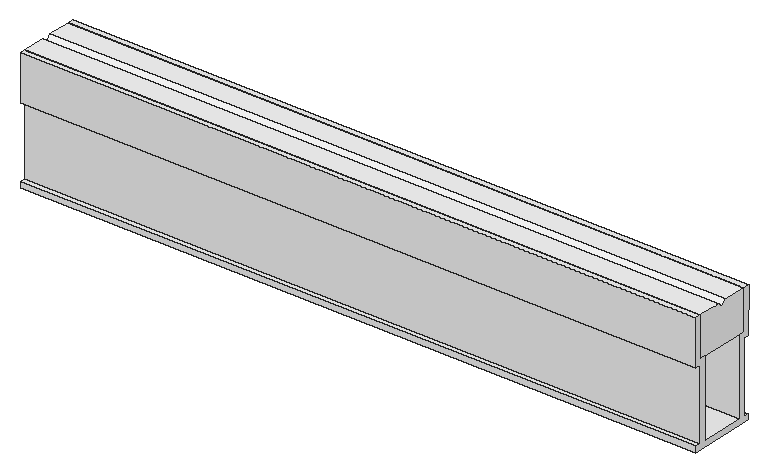
Revit family "4070741+4070745 Feilo Sylvania Lighting Fixture CURSUS 306MM 192LM WIDE LED 4K with FRAMED ROUGH IN HOUSING", category Lighting Fixtures, host Face, Revit 2017
Family settings
  Host = Face
  Round Connector Dimension = Use Diameter
  Part Type = Normal
  OmniClass Number = 23.80.70.14
  OmniClass Title = Luminaries for External Lighting
  Cut with Voids When Loaded = Yes
  Light Source = Yes
  Shared = No
  Room Calculation Point = No
Parameters (values of type "4070741 CURSUS 306MM 192LM WIDE LED 4K")
  Width = 30 mm
  Weight = "0.6 kg"
  Wattage Comments = "n/a"
  Wattage = 4.5 W
  WarrantyStartDate [instance] = "n/a"
  WarrantyGuarantorParts = "n/a"
  WarrantyDurationUnit = "n/a"
  WarrantyDurationParts = "n/a"
  WarrantyDescription = "n/a"
  built-in parameter 1150110 = 1 (stored number, unit not read)
  Voltage = 24 V
  URL = "http://www.sylvania-lighting.com"
  TypeName = "CURSUS 306MM 192LM WIDE LED 4K"
  Type Image = <None>
  Type Comments = "n/a"
  built-in parameter 1114217 = 1 (stored number, unit not read)
  Tilt Angle = -90.00°
  built-in parameter 1150109 = 1 (stored number, unit not read)
  built-in parameter 1150134 = 12
  built-in parameter 1150113 = 1 (stored number, unit not read)
  SerialNumber [instance] = "n/a"
  Material_3_FEILO = none
  PowerFactor = 0
  PowerConsumption = "4.5 W"
  Photometric Web File = "4070741.ies"
  NominalLength = 306 mm
  NominalHeight = 50 mm
  NominalDepth = Width  # 30 mm
  Name = "CURSUS 306MM 192LM WIDE LED 4K"
  ModelReference = Name  # "CURSUS 306MM 192LM WIDE LED 4K"
  ModelNumber = "4070741"
  Model = Name  # "CURSUS 306MM 192LM WIDE LED 4K"
  Material = "natural anodised extruded aluminium structure housing"
  ManufacturerName = "Feilo Sylvania"
  Manufacturer = "Feilo Sylvania"
  LuminousEfficacy = "42.66 lm/W"
  built-in parameter 1150105 = 105.96 (stored number, unit not read)
  Lumens = 192 lm
  LuminaireType = ""
  built-in parameter 1150115 = 1 (stored number, unit not read)
  LightOutputRatio = "100"
  built-in parameter 1150137 = (empty or 0)
  built-in parameter 1150139 = (empty or 0)
  LengthVoidExtrusionRight [instance] = if(EndCapRight, Length / 2, Length / 2 - 2.5 mm)  # 153.5 mm
  LengthVoidExtrusionLeft [instance] = if(EndCapLeft, Length / 2, Length / 2 - 2.5 mm)  # 153.5 mm
  Length = 312 mm
  LampsType = Lamp  # "LED"
  LampNominalLuminous = "192 lm"
  LampMacAdamStep = "n/a"
  LampColourTemperature = "4000 K"
  LampColourRenderingIndex = "80"
  built-in parameter 1150112 = 1 (stored number, unit not read)
  built-in parameter 1150114 = 1 (stored number, unit not read)
  Lamp = "LED"
  Keynote = "16500"
  InstallationDate [instance] = "n/a"
  InputVoltage = "24V DC"
  InputNominalFrequency = "n/a"
  built-in parameter 1150132 = (empty or 0)
  built-in parameter 1150102 = (empty or 0)
  built-in parameter 1150107 = 4000 (stored number, unit not read)
  built-in parameter 1150138 = (empty or 0)
  IngressProtection = "IP67"
  ImpactProtectionIndex = "IK07"
  built-in parameter 1150106 = 1.0596 (stored number, unit not read)
  IfcExportType = "IfcLightFixtureType"
  IfcExportAs = "IfcLightFixtureType"
  ExpectedLife = 50000
  EndCapRight [instance] = no
  EndCapLeft [instance] = no
  Emit from Rectangle Width = Width - 6 mm  # 24 mm
  Emit from Rectangle Length = Length - 6 mm  # 306 mm
  Emit Shape Visible in Rendering = no
  ElectricShockClassification = "Class III"
  built-in parameter 1150104 = 3.9639 (stored number, unit not read)
  DurationUnit = "hours"
  DocumentationLiterature = "http://www.sylvania-lighting.com/product/en-int/products/4070741"
  DimmingControlOptions = "n/a"
  Dimming Lamp Color Temperature Shift = <None>
  Material_2_FEILO = Diffuser-Sylvania-Glow
  Description = "LED Exterior Lighting Recessed Surface Mounted Linear Fixture, Natural anodised extruded aluminium structure. Die-cast aluminium end caps. Installation kit with harmonic steel springs., 192 lm, 4,5W,  42lm/W, 4000K, CRI80+,non dimmable,IP67, IK07, (HxWxD) 306x50x30mm, 3 step Mac Adam Ellipse, 0.6kg,, Classe III, 21-25V-DC, energy class : A++, A+, A"
  Default Elevation = 1219.2 mm
  CreatedOn = "1/8/2018"
  CreatedBy = ""
  Cost = 0
  Color Filter = 16777215
  built-in parameter 1114216 [instance] = (empty or 0)
  ClassificationValue = "EF_70_80"
  ClassificationName = "Uniclass2015"
  Material_1_FEILO = Body-Sylvania-Gray
  BarCode [instance] = "n/a"
  built-in parameter 1114218 = 1 (stored number, unit not read)
  built-in parameter 1150133 = 10 (stored number, unit not read)
  AssetType = "Fixed"
  AssetIdentifier [instance] = "n/a"
  Assembly Code = "D5020200"
  Apparent Load = 4.5 VA
  Material_4_FEILO = Diffuser-Sylvania-Glow
Reference planes
  plane 1 "Center (Front/Back)": y = 0
  plane 2: z = 0
  plane 3 "Center (Left/Right)": x = 0
  plane 4: y = 15
  plane 5: y = -15
  plane 6: x = 156
  plane 7: x = -156
  plane 8: x = -153.5
  plane 9: y = 12.5
  plane 10: y = -12.5
  plane 11: x = 153.5
  plane 12: z = -55
  plane 13: z = -52.5
  plane 14: z = -2
  plane 15: y = -10
  plane 16: z = -18
  plane 17: z = -20.5
  plane 18: y = 10
Forms (mm)
  Extrusion 1, solid, material "Body-Sylvania-Gray" <- "Material_1_FEILO"
    sketch origin (0, 0, -32.5) x (0, 1, 0) y (0, 0, 1)
      loop
        line (15, -22.5) -> (15, -20) -> (12.5, -20) -> (12.5, 12) -> (15, 12) -> (15, 32.5) -> (12.5, 32.5) -> (12.5, 14.5) -> (10, 14.5) -> (10, -20) -> (-10, -20) -> (-10, 14.5) -> (-12.5, 14.5) -> (-12.5, 32.5) -> (-15, 32.5) -> (-15, 12) -> (-12.5, 12) -> (-12.5, -20) -> (-15, -20) -> (-15, -22.5) -> (15, -22.5)
    from -153.5 to 153.5
  Extrusion 2, solid, material "Body-Sylvania-Gray" <- "Material_1_FEILO", visible <- "EndCapRight"
    sketch origin (156, 1524, 1219.2) x (0, 1, 0) y (0, 0, 1)
      loop
        line (-1539, -1274.2) -> (-1509, -1274.2) -> (-1509, -1219.2) -> (-1539, -1219.2) -> (-1539, -1274.2)
    from 0 to -2.5
  Extrusion 3, solid, material "Body-Sylvania-Gray" <- "Material_1_FEILO", visible <- "EndCapLeft"
    sketch origin (-156, 1524, 1219.2) x (0, 1, 0) y (0, 0, 1)
      loop
        line (-1539, -1274.2) -> (-1509, -1274.2) -> (-1509, -1219.2) -> (-1539, -1219.2) -> (-1539, -1274.2)
    from 0 to 2.5
  Extrusion 4, solid, material "Diffuser-Sylvania-Glow" <- "Material_2_FEILO"
    sketch origin (0, 0, 0) x (0, 1, 0) y (0, 0, 1)
      loop
        line (-12.5, 0) -> (-12.5, -18) -> (12.5, -18) -> (12.5, 0) -> (2, 0) -> (0, -2) -> (-2, 0) -> (-12.5, 0)
    from -153.5 to 153.5
  Extrusion 5, void
    sketch origin (0, 0, 0) x (1, 0, 0) y (0, 1, 0)
      loop
        line (-153.5, 15) -> (-153.5, -15) -> (153.5, -15) -> (153.5, 15) -> (-153.5, 15)
    from 0 to -55
Dimensions and locks
  equal spacing: plane 5, plane 1 "Center (Front/Back)", plane 4
  equal spacing: plane 7, plane 3 "Center (Left/Right)", plane 6
  "Length": plane 7 to plane 6
  equal spacing: plane 8, plane 3 "Center (Left/Right)", plane 11
  equal spacing: plane 10, plane 1 "Center (Front/Back)", plane 9
  locked: plane 5 to plane 10 at 2.5
  "Width": plane 5 to plane 4
  locked: plane 2 to plane 12 at 55
  locked: plane 12 to plane 13 at 2.5
  "LengthVoidExtrusionLeft": Extrusion 5 sketch curve to plane 3 "Center (Left/Right)"
  "LengthVoidExtrusionRight": plane 3 "Center (Left/Right)" to Extrusion 5 sketch curve
  plane 2 to plane 14 = 2 mm
  locked: plane 7 to plane 8 at 2.5
  locked: plane 2 to plane 16 at 18
  locked: plane 17 to plane 16 at 2.5
  equal spacing: plane 15, plane 1 "Center (Front/Back)", plane 18
  locked: plane 10 to plane 15 at 2.5
  locked: plane 14 to Extrusion 4 sketch curve (angle 45.00°)
  locked: Extrusion 4 sketch curve to plane 14 (angle 45.00°)
  aligned and locked: plane 2 to host face
  aligned and locked: level to host face
  aligned and locked: plane 4 to Extrusion 1 sketch curve
  aligned and locked: Extrusion 1 sketch curve to plane 5
  aligned and locked: plane 10 to Extrusion 1 sketch curve  (x2)
  aligned and locked: Extrusion 1 sketch curve to plane 9  (x2)
  aligned and locked: plane 8 to Extrusion 3
  aligned and locked: Extrusion 3 to plane 7
  aligned and locked: Extrusion 4 to plane 8
  aligned and locked: plane 11 to Extrusion 4
  aligned and locked: imposter light to plane 1 "Center (Front/Back)"
  aligned and locked: plane 3 "Center (Left/Right)" to imposter light
  aligned and locked: plane 12 to Extrusion 1
  aligned and locked: Extrusion 1 to plane 13
  aligned and locked: level to Extrusion 1  (x2)
  aligned and locked: plane 2 to imposter light
  aligned and locked: plane 11 to Extrusion 1
  aligned and locked: Extrusion 1 to plane 8
  aligned and locked: plane 12 to Extrusion 3 sketch curve
  aligned and locked: plane 5 to Extrusion 3 sketch curve
  aligned and locked: Extrusion 3 sketch curve to plane 4
  aligned and locked: Extrusion 2 sketch curve to plane 4
  aligned and locked: plane 5 to Extrusion 2 sketch curve
  aligned and locked: plane 12 to Extrusion 2 sketch curve
  aligned and locked: plane 9 to Extrusion 4 sketch curve
  aligned and locked: Extrusion 4 sketch curve to plane 10
  aligned and locked: Extrusion 5 sketch curve to plane 4
  aligned and locked: plane 5 to Extrusion 5 sketch curve
  aligned and locked: Extrusion 5 to Extrusion 1
  aligned and locked: level to Extrusion 5
  aligned and locked: plane 14 to Extrusion 4 sketch curve
  aligned and locked: Extrusion 4 sketch curve to plane 16
  aligned and locked: Extrusion 1 sketch curve to Extrusion 1 sketch curve  (x3)
  aligned and locked: Extrusion 1 sketch curve to Extrusion 4
  aligned and locked: plane 15 to Extrusion 1 sketch curve
  aligned and locked: plane 17 to Extrusion 1 sketch curve
  aligned and locked: plane 5 to Extrusion 1 sketch curve
  aligned and locked: Extrusion 1 sketch curve to plane 16
  aligned and locked: plane 18 to Extrusion 1 sketch curve
  aligned and locked: Extrusion 1 sketch curve to plane 17
  aligned and locked: Extrusion 1 sketch curve to Extrusion 2
Automatic sketch dimensions
  host sketch curve to host sketch curve = 2438.4 mm  (x2)
  Extrusion 3 sketch curve to level = 0 mm
  Extrusion 2 sketch curve to level = 0 mm
  Extrusion 4 sketch curve to level = 0 mm  (x2)
  Extrusion 4 sketch curve to plane 1 "Center (Front/Back)" = 0 mm
  plane 12 to Extrusion 1 sketch curve = 0 mm
  plane 13 to Extrusion 1 sketch curve = 0 mm
  Extrusion 1 sketch curve to level = 0 mm  (x2)
Connectors
  electrical at (0, 0, 0), driven by "Apparent Load", driven by "PowerFactor", driven by "Voltage"
    settings: index 1, voltage 24 V, apparent load 4.5 VA, apparent load phase1 0 VA, apparent load phase2 0 VA, apparent load phase3 0 VA, power factor 0, load classification "Lighting", number of poles 1, system type 30, power factor state 1, is connector primary yes, connector utility no, sub classification motor no, connector description ""
